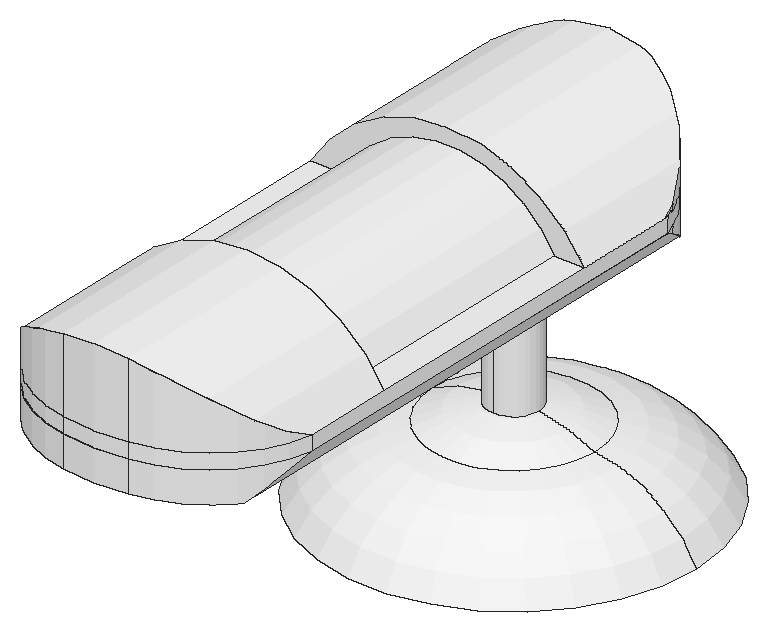
Revit family "1503a_lightowl_dia", category Communication Devices, host Face, Revit 2021
Family settings
  Host = Face
  Maintain Annotation Orientation = No
  Round Connector Dimension = Use Diameter
  Part Type = Normal
  OmniClass Number = 23.85.80.11.27
  OmniClass Title = Lighting Controls
  Cut with Voids When Loaded = No
  Shared = Yes
  Room Calculation Point = No
Parameters
  Warranty = "5-Years Warranty"  # constant formula
  Type Comments = "Wall Mount Occupancy Sensors\r"  # constant formula
  Product Page URL = ""
  Product Documentation Link = ""
  URL = "https://www.currentlighting.com/nxlightingcontrols"
  Power Requirements = "24VDC, 33 mA (uses UVPP and MP-Series power pack—not included)"  # constant formula
  Model = "NX Ceiling Mount Occupancy Sensors employ Passive Infrared\r\nand Ultrasonic sensing technologies to turn lighting on and off based\r\non occupancy"  # constant formula
  Manufacturer = " NX Lighting Controls"  # constant formula
  Sensing Element = Metal-Nickel
  Feartures = "IntelliDAPT self-adaptive technology—no manual adjustment required \r\nAll-digital dual technology (passive infrared [PIR] and acoustic) sensor\r\nNon-volatile memory for sensor settings\r\n1,600 square-foot coverage area \r\nOptional relay and photocell control \r\nOptional Quick-to-Install (QTI) connector \r\nUL and cUL listed\r\nCalifornia Title 24 compliant\r\nFive-year limited warranty\r\nLow voltage device: 24 Vdc\r\n"  # constant formula
  Description = "The LightOWL Dual Technology Passive Infrared and Acoustic Sensorr combines\r\npassive infrared (PIR) and acoustic (sound-activated) technologies to turn lighting\r\non and off based on occupancy. This sensor features  Controls' patented\r\nIntelliDAPT® technology, which makes all the sensor adjustments automatically. "  # constant formula
  Default Elevation = 48.00"
  Copyright = "Copyright ©  NX Lighting Controls"  # constant formula
  Contact Us = ""
  Housing Material = Paint -  Matte White
  Certifications = "UL and cUL listed"
  Assembly Code = "D5090"
Reference planes (in)
  plane 1 "Center (Front/Back)": y = 11.68155
  plane 2: z = 0
  plane 3 "Center (Left/Right)": x = 0
  plane 4: x = -1.41
  plane 5: x = 1.41
  plane 6: y = 13.09155
  plane 7: y = 10.27155
  plane 8: z = 3.72
  plane 9: through (0.87749, -180, 1.95871) normal (0.7071, 0, 0.7071)
Forms (in)
  Revolve 1, solid, material "Paint -  Matte White" <- "Housing Material"
    sketch origin (0, 11.68155, 0) x (1, 0, 0) y (0, 0, 1)
      loop
        line (0, 0) -> (1.82999, 0)
        arc (1.82999, 0) -> (1.40849, 0.4728) -> (0.81222, 0.68649) r 1.28372
        arc (0.81222, 0.68649) -> (0.41744, 0.82505) -> (0, 0.85337) r 1.55552
        line (0, 0.85337) -> (0, 0)
      axis (0, 0.85337) -> (0, 0)
    angle from 0 to 360
  Sweep 2, solid, material "Paint -  Matte White" <- "Housing Material"
    path origin (0, 0, 0) x (0, 1, 0) y (0, 0, 1)
      loop
        line (11.68155, 0.85427) -> (11.68155, 1.68006) -> (12.02357, 2.61976)
    profile origin (0, 11.68155, 1.26717) x (0, -1, 0) y (1, 0, 0)
      loop
        circle (0, 0) r 0.25
Dimensions and locks (in)
  plane 4 to plane 5 = 2.82"
  plane 7 to plane 6 = 2.82"
  equal spacing: plane 7, plane 1 "Center (Front/Back)", plane 6
  plane 5 to plane 4 = 2.82"
  plane 8 to plane 2 = 3.72"
  aligned and locked: plane 2 to host face
  aligned and locked: level to host face
  aligned and locked: Revolve 1 sketch curve to plane 3 "Center (Left/Right)"
Automatic sketch dimensions
  host sketch curve to host sketch curve = 96.00"  (x2)
  Revolve 1 sketch curve to level = 0.00"
  plane 3 "Center (Left/Right)" to Revolve 1 sketch curve = 0.00"
  plane 3 "Center (Left/Right)" to Revolve 1 sketch curve = 0.10439"
  Revolve 1 sketch curve to Revolve 1 sketch curve = 0.58626"
  Revolve 1 sketch curve to level = 0.59145"
  Revolve 1 sketch curve to Revolve 1 sketch curve = 0.10719"
  Revolve 1 sketch curve to plane 5 = 0.59778"
  plane 5 to Revolve 1 sketch curve = 0.41999"
  Revolve 1 sketch curve to Revolve 1 sketch curve = 23.30136"
  Revolve 1 sketch curve to plane 8 = 54.31668"
  Sweep 2 sketch curve to plane 1 "Center (Front/Back)" = 0.00"
  level to Sweep 2 sketch curve = 0.85427"
  Sweep 2 sketch curve to plane 1 "Center (Front/Back)" = 0.34202"
  Sweep 2 sketch curve to Sweep 2 sketch curve = 0.82579"
  Sweep 2 sketch curve to Sweep 2 sketch curve = 0.93969"
  Sweep 2 sketch curve to plane 3 "Center (Left/Right)" = 0.00"
  Sweep 2 sketch curve to profile plane = 0.00"
  radius of Sweep 2 sketch curve = 0.25"
Nested families (in)
  nested 1: "Family1" at (0, 9.63972, 2.80957), type "Family1"
Connectors (in)
  electrical at (0, 11.68155, 0)
    settings: on Revolve 1, index 1, voltage 0 V, apparent load 0 VA, apparent load phase1 0 VA, apparent load phase2 0 VA, apparent load phase3 0 VA, power factor 1, load classification "Other", number of poles 1, system type 13, power factor state 1, is connector primary yes, connector utility no, sub classification motor no, connector description "Sensor"
Definition of nested family "Family1"
  Parameters
    housing = none
    Sensing material = none
    Height = 5.48"
    Default Elevation = 0.00"
  Reference planes (in)
    plane 1 "Center (Front/Back)": y = 0
    plane 2: z = 0
    plane 3 "Center (Left/Right)": x = 0
    plane 4: x = -1.365
    plane 5: x = 1.365
    plane 6: y = 2.74
    plane 7: y = -2.74
    plane 8: z = 0.93
    plane 9: z = -0.93
    plane 10: y = 3.26
    plane 11: y = -3.26
  Forms (in)
    Sweep 1, solid, material <- "housing"
      path origin (0, 0, 0) x (1, 0, 0) y (0, 1, 0)
        loop
          line (0, 3.3128) -> (0, -3.23467)
      profile origin (0, 0.03906, 0) x (1, 0, 0) y (0, 0, 1)
        loop
          line (-1.365, 0.075) -> (1.365, 0.075)
          arc (1.365, 0.075) -> (0, 0.8515) -> (-1.365, 0.075) r 1.58801
    Extrusion 2, void
      sketch origin (0, 0, 0) x (1, 0, 0) y (0, 1, 0)
        loop
          line (-1.365, -2.17044) -> (-1.365, -3.26592) -> (1.365, -3.26592) -> (1.365, -2.17044)
          arc (1.365, -2.17044) -> (1.00674, -2.83506) -> (0.32626, -3.16217) r 1.22166
          arc (0.32626, -3.16217) -> (0, -3.1881) -> (-0.32626, -3.16217) r 2.06591
          arc (-0.32626, -3.16217) -> (-1.00674, -2.83506) -> (-1.365, -2.17044) r 1.22166
        loop
          line (-1.37645, 3.3128) -> (-1.37645, 2.26389)
          arc (-1.37645, 2.26389) -> (-0.00573, 3.26001) -> (1.365, 2.26389) r 1.44117
          line (1.365, 2.26389) -> (1.365, 3.3128) -> (-1.37645, 3.3128)
      from -0.93 to 0.93
    Sweep 3, solid, material <- "housing"
      path origin (0, 0, 0.075) x (0, -1, 0) y (1, 0, 0)
        loop
          line (-3.26, 0) -> (3.26592, 0)
      profile origin (0, -0.00296, 0.075) x (1, 0, 0) y (0, 0, 1)
        loop
          arc (-1.365, -0.15) -> (0, -0.9265) -> (1.365, -0.15) r 1.58801
          line (1.365, -0.15) -> (-1.365, -0.15)
    Extrusion 4, void
      sketch origin (0, 0, 0) x (0, -1, 0) y (1, 0, 0)
        loop
          line (2.24827, -1.365) -> (3.3125, -1.365) -> (3.3125, 1.365) -> (2.24827, 1.365)
          arc (2.24827, 1.365) -> (2.91289, 1.00674) -> (3.24, 0.32626) r 1.22166
          arc (3.24, 0.32626) -> (3.26592, 0) -> (3.24, -0.32626) r 2.06591
          arc (3.24, -0.32626) -> (2.91289, -1.00674) -> (2.24827, -1.365) r 1.22166
        loop
          arc (-2.21702, -1.365) -> (-2.88164, -1.00674) -> (-3.20875, -0.32626) r 1.22166
          arc (-3.20875, -0.32626) -> (-3.23467, 0) -> (-3.20875, 0.32626) r 2.06591
          arc (-3.20875, 0.32626) -> (-2.88164, 1.00674) -> (-2.21702, 1.365) r 1.22166
          line (-2.21702, 1.365) -> (-3.46875, 1.365) -> (-3.46875, -1.365) -> (-2.21702, -1.365)
      from -1.03321 to 2.51239
    Sweep 5, void
      path origin (0, 0.21875, 0) x (1, 0, 0) y (0, 1, 0)
        loop
          line (0, 1) -> (0, -1.5)
      profile origin (0, -0.03125, 0) x (1, 0, 0) y (0, 0, 1)
        loop
          line (-1.365, 0.075) -> (-1.06382, 0.075)
          arc (-1.06382, 0.075) -> (0, 0.69868) -> (1.06382, 0.075) r 1.21913
          line (1.06382, 0.075) -> (1.365, 0.075)
          arc (1.365, 0.075) -> (0, 0.8515) -> (-1.365, 0.075) r 1.58801
    Extrusion 6, void
      sketch origin (0, 0, 0) x (0, 1, 0) y (0, 0, 1)
        loop
          arc (0.27944, -0.93) -> (0.14952, -0.54931) -> (-0.21875, -0.3875) r 0.5
          line (-0.21875, -0.3875) -> (-3.39092, -0.3875) -> (-3.39092, -0.93) -> (0.27944, -0.93)
      from -2.72838 to 2.18587
    Extrusion 7, solid, material <- "housing"
      sketch origin (0, 0, 0) x (1, 0, 0) y (0, 1, 0)
        loop
          line (-1.365, 2.29773) -> (-1.365, -2.17044)
          arc (-1.365, -2.17044) -> (-1.00674, -2.83506) -> (-0.32626, -3.16217) r 1.22166
          arc (-0.32626, -3.16217) -> (0, -3.1881) -> (0.32626, -3.16217) r 2.06591
          arc (0.32626, -3.16217) -> (1.00674, -2.83506) -> (1.365, -2.17044) r 1.22166
          line (1.365, -2.17044) -> (1.365, 2.26389)
          arc (1.365, 2.26389) -> (0.01214, 3.2599) -> (-1.365, 2.29773) r 1.44117
      from -0.075 to 0.075
  Cuts and joins
    Extrusion 2, Extrusion 4, Sweep 5 cuts Sweep 1
    joined: Sweep 1, Extrusion 7
    Extrusion 2, Extrusion 4, Extrusion 6 cuts Sweep 3
  Dimensions and locks (in)
    "Height": plane 7 to plane 6
    plane 4 to plane 5 = 2.73"
    equal spacing: plane 7, plane 1 "Center (Front/Back)", plane 6
    aligned and locked: plane 2 to level
    aligned and locked: Extrusion 2 to plane 9
    aligned and locked: plane 8 to Extrusion 2
  Automatic sketch dimensions
    profile plane to Sweep 1 sketch curve = 0.00"
    level to Sweep 1 sketch curve = 0.075"
    profile plane to Sweep 1 sketch curve = 1.365"
    Sweep 1 sketch curve to level = 0.7365"
    profile plane to Sweep 3 sketch curve = 0.00"
    Sweep 3 sketch curve to profile plane = 0.15"
    profile plane to Sweep 3 sketch curve = 1.365"
    profile plane to Sweep 3 sketch curve = 0.6615"
    Extrusion 4 sketch curve to plane 4 = 0.00"  (x2)
    Extrusion 4 sketch curve to plane 5 = 0.00"  (x2)
    Extrusion 4 sketch curve to plane 3 "Center (Left/Right)" = 0.00"  (x2)
    plane 7 to Extrusion 4 sketch curve = 0.50"  (x2)
    Extrusion 4 sketch curve to plane 7 = 0.49173"  (x2)
    plane 3 "Center (Left/Right)" to Extrusion 4 sketch curve = 0.16313"  (x2)
    Extrusion 4 sketch curve to Extrusion 4 sketch curve = 1.21072"
    Extrusion 4 sketch curve to plane 3 "Center (Left/Right)" = 0.16313"  (x2)
    plane 1 "Center (Front/Back)" to Extrusion 4 sketch curve = 1.20001"
    Extrusion 4 sketch curve to plane 1 "Center (Front/Back)" = 1.16876"
    Extrusion 4 sketch curve to Extrusion 4 sketch curve = 0.82927"
    Extrusion 4 sketch curve to Extrusion 4 sketch curve = 0.00"
    plane 6 to Extrusion 4 sketch curve = 0.52298"
    Extrusion 4 sketch curve to Extrusion 4 sketch curve = 0.21899"
    Extrusion 4 sketch curve to plane 6 = 0.72875"
    plane 7 to Extrusion 4 sketch curve = 0.5725"
    Extrusion 4 sketch curve to plane 6 = 0.46875"
    Sweep 5 sketch curve to plane 3 "Center (Left/Right)" = 0.00"
    plane 1 "Center (Front/Back)" to Sweep 5 sketch curve = 1.28125"
    Sweep 5 sketch curve to plane 1 "Center (Front/Back)" = 1.21875"
    profile plane to Sweep 5 sketch curve = 0.00"  (x2)
    level to Sweep 5 sketch curve = 0.075"  (x2)
    profile plane to Sweep 5 sketch curve = 1.06382"
    Sweep 5 sketch curve to Sweep 5 sketch curve = 0.30118"
    Sweep 5 sketch curve to level = 0.52045"
    Sweep 5 sketch curve to Sweep 5 sketch curve = 0.21606"
    Extrusion 6 sketch curve to plane 9 = 0.00"
    plane 7 to Extrusion 6 sketch curve = 0.65092"
    plane 1 "Center (Front/Back)" to Extrusion 6 sketch curve = 0.21875"
    Extrusion 6 sketch curve to plane 1 "Center (Front/Back)" = 0.27944"
    plane 9 to Extrusion 6 sketch curve = 0.0425"
    Sweep 1 sketch curve to plane 3 "Center (Left/Right)" = 0.00"
    Sweep 1 sketch curve to plane 11 = 0.02533"
    Sweep 1 sketch curve to plane 10 = 0.0528"
    Extrusion 2 sketch curve to plane 4 = 0.00"
    Extrusion 2 sketch curve to plane 3 "Center (Left/Right)" = 0.00"
    Extrusion 2 sketch curve to plane 5 = 0.00"  (x2)
    Extrusion 2 sketch curve to plane 4 = 0.01145"
    Extrusion 2 sketch curve to plane 3 "Center (Left/Right)" = 0.16313"
    Extrusion 2 sketch curve to plane 3 "Center (Left/Right)" = 0.00573"
    plane 3 "Center (Left/Right)" to Extrusion 2 sketch curve = 0.16313"
    plane 11 to Extrusion 2 sketch curve = 0.00592"
    Extrusion 2 sketch curve to plane 7 = 0.56956"  (x2)
    Extrusion 2 sketch curve to plane 7 = 0.78855"
    Extrusion 2 sketch curve to Extrusion 2 sketch curve = 0.00"
    Extrusion 2 sketch curve to Extrusion 2 sketch curve = 0.82927"
    plane 6 to Extrusion 2 sketch curve = 0.92115"
    Extrusion 2 sketch curve to plane 10 = 0.0528"
    Extrusion 2 sketch curve to plane 11 = 0.09783"
    plane 6 to Extrusion 2 sketch curve = 0.47611"
    Sweep 3 sketch curve to plane 3 "Center (Left/Right)" = 0.00"
    plane 10 to Sweep 3 sketch curve = 0.00"
    plane 11 to Sweep 3 sketch curve = 0.00592"
    Extrusion 7 sketch curve to plane 3 "Center (Left/Right)" = 0.00"
    Extrusion 7 sketch curve to plane 3 "Center (Left/Right)" = 0.16313"
    Extrusion 7 sketch curve to plane 3 "Center (Left/Right)" = 0.00573"
    Extrusion 7 sketch curve to plane 7 = 0.78855"
    Extrusion 7 sketch curve to Extrusion 7 sketch curve = 0.82927"
    plane 6 to Extrusion 7 sketch curve = 0.92115"
    plane 4 to Extrusion 7 sketch curve = 0.00"
    Extrusion 7 sketch curve to plane 11 = 0.09783"  (x2)
    Extrusion 7 sketch curve to plane 3 "Center (Left/Right)" = 0.32626"
    Extrusion 7 sketch curve to plane 5 = 0.00"
    plane 6 to Extrusion 7 sketch curve = 0.47611"
    plane 3 "Center (Left/Right)" to Extrusion 7 sketch curve = 0.16313"
    Extrusion 7 sketch curve to Extrusion 7 sketch curve = 0.00"
